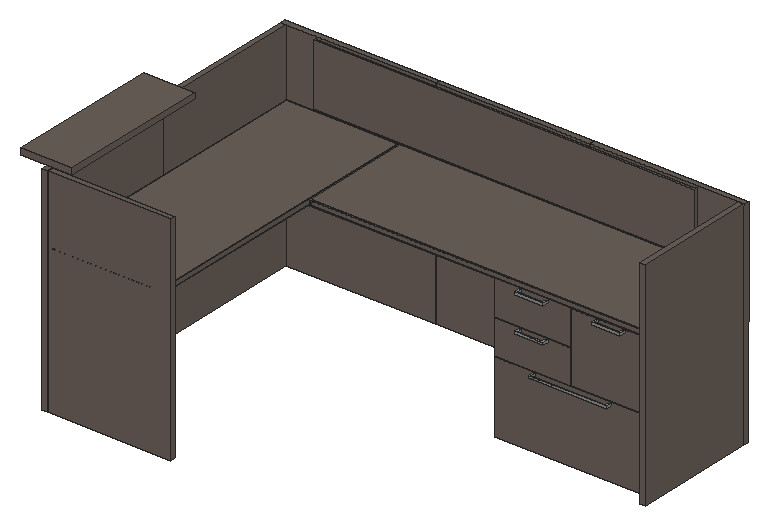
Revit family "OFS TYPICAL T200097", category Furniture, Revit 2022 (continued)
Definition of nested family "STAKS BENCHING CANTILEVER WORKSURFACE BRACKET - OPEN"
  Dimensions and locks (in)
    equal spacing: plane 3 "LEFT", plane 8 "CENTER", plane 5 "RIGHT"
    equal spacing: plane 9, plane 2 "Center (Front/Back)", plane 7
    "Width": plane 3 "LEFT" to plane 5 "RIGHT"
    "Depth": plane 9 to plane 7
    locked: plane 4 "BASE TOP" to plane 10 at 2
    locked: plane 7 to plane 11 at 2
    locked: plane 13 to plane 9 at 0.5
    locked: plane 6 to plane 12 at 0.5
    plane 14 to plane 8 "CENTER" to plane 15 = 0' - 0 1/8" locked, 0' - 0 1/8" locked
    "Alpha": plane 16 to plane 13
    aligned and locked: level to plane 1
    aligned and locked: Extrusion 1 sketch curve to plane 4 "BASE TOP"
    aligned and locked: plane 7 to Extrusion 1 sketch curve
    aligned and locked: plane 9 to Extrusion 1 sketch curve
    aligned and locked: plane 6 to Extrusion 1 sketch curve
    aligned and locked: Extrusion 1 to plane 3 "LEFT"
    aligned and locked: plane 5 "RIGHT" to Extrusion 1
    aligned and locked: Extrusion 2 sketch curve to Extrusion 1
    aligned and locked: plane 15 to Extrusion 2
    aligned and locked: plane 14 to Extrusion 2
    aligned and locked: Extrusion 1 to Extrusion 2 sketch curve
    aligned and locked: Extrusion 3 to plane 7
  Automatic sketch dimensions
    plane 7 to Extrusion 1 sketch curve = 0' - 0 7/128"
    Extrusion 1 sketch curve to plane 11 = 0' - 0"
    plane 10 to Extrusion 1 sketch curve = 0' - 0"
    plane 11 to Extrusion 1 sketch curve = 0' - 0.02265"
    plane 10 to Extrusion 1 sketch curve = 0' - 0.02265"
    plane 4 "BASE TOP" to Extrusion 1 sketch curve = 0' - 0 7/128"
    Extrusion 2 sketch curve to plane 13 = 0' - 0"
    plane 12 to Extrusion 2 sketch curve = 0' - 0"
    Extrusion 2 sketch curve to plane 16 = 0' - 0"
    Extrusion 2 sketch curve to Extrusion 2 sketch curve = 0' - 0.29376"
    plane 14 to Extrusion 3 sketch curve = 0' - 0.27308"
    Extrusion 3 sketch curve to plane 5 "RIGHT" = 0' - 0.16442"  (x2)
    Extrusion 3 sketch curve to plane 12 = 0' - 0.79492"
    Extrusion 3 sketch curve to Extrusion 3 sketch curve = 0' - 0 3/16"
    plane 3 "LEFT" to Extrusion 3 sketch curve = 0' - 0.25817"  (x3)
    Extrusion 3 sketch curve to Extrusion 3 sketch curve = 0' - 0.16626"  (x2)
    plane 10 to Extrusion 3 sketch curve = 0' - 1.46119"
    plane 12 to Extrusion 3 sketch curve = 0' - 0.19423"
    Extrusion 3 sketch curve to Extrusion 3 sketch curve = 0' - 1.03838"
    plane 10 to Extrusion 3 sketch curve = 0' - 0.30577"
    Extrusion 4 sketch curve to Extrusion 4 sketch curve = 0' - 2"  (x15)
    Extrusion 4 sketch curve to Extrusion 4 sketch curve = 0' - 0"  (x7)
    Extrusion 4 sketch curve to Extrusion 4 sketch curve = 0' - 0.87233"  (x8)
    Extrusion 5 sketch curve to Extrusion 5 sketch curve = 0' - 2"  (x15)
    Extrusion 5 sketch curve to Extrusion 5 sketch curve = 0' - 0"  (x7)
    Extrusion 5 sketch curve to Extrusion 5 sketch curve = 0' - 0.87233"  (x8)
    radius of Extrusion 3 sketch curve = 0' - 0 3/32"  (x3)
    radius of Extrusion 4 sketch curve = 0' - 0 3/32"  (x16)
    radius of Extrusion 5 sketch curve = 0' - 0 3/32"  (x16)
Definition of nested family "temp:STAKS BENCHING PRESS FIT BRACKET"
  Parameters (values of type "STAKS BENCHING PRESS FIT BRACKET")
    Width = 0' - 7 1/8"
    URL = "http://www.ofs.com/"
    Model = "PFBKT-1"
    Manufacturer = "OFS"
    Height From Floor = 2' - 3 7/8"
    Height = 0' - 3"
    Gap = 0' - 1"
    Description = "OFS STAKS BENCHING PRESS FIT BRACKET, Supports Shared Organizers, Shared Shelves or Transaction Tops on Spine or Divider Wall Panels Without Defacing the Panel Faces"
    Depth = 0' - 2"
    Default Elevation = 0' - 0"
    Copyright © = "© 2018 OFS"
    Catalog = "https://ofs.com/products/open-plan/benching/staks"
    Bracket Material = none
    Authoring Version = "Autodesk Revit Architecture 2013"
    Assembly Code = "E2020200"
  Reference planes (in)
    plane 1: z = 0
    plane 2 "Center (Front/Back)": y = 1.87535
    plane 3 "LEFT": x = -20.0625
    plane 4 "BASE TOP": z = 27.875
    plane 5 "RIGHT": x = -12.9375
    plane 6: z = 24.875
    plane 7: y = 2.87535
    plane 8 "CENTER": x = -16.5
    plane 9: y = 0.87535
    plane 10: y = 1.25035
    plane 11: x = -16
    plane 12: x = -17
  Forms (in)
    Extrusion 1, solid, material <- "Bracket Material"
      sketch origin (0, 1.87535, 0) x (1, 0, 0) y (0, 0, 1)
        loop
          line (-17, 24.875) -> (-17, 27.375) -> (-16.82031, 27.375)
          arc (-16.82031, 27.375) -> (-16.59934, 27.46653) -> (-16.50781, 27.6875) r 0.3125
          line (-16.50781, 27.6875) -> (-16.50781, 27.875) -> (-20.0625, 27.875) -> (-20.0625, 27.375) -> (-17.75, 27.375)
          arc (-17.75, 27.375) -> (-17.39645, 27.22855) -> (-17.25, 26.875) r 0.5
          line (-17.25, 26.875) -> (-17.25, 24.875) -> (-17, 24.875)
        loop
          line (-12.9375, 27.875) -> (-16.49219, 27.875) -> (-16.49219, 27.6875)
          arc (-16.49219, 27.6875) -> (-16.40066, 27.46653) -> (-16.17969, 27.375) r 0.3125
          line (-16.17969, 27.375) -> (-16, 27.375) -> (-16, 24.875) -> (-15.75, 24.875) -> (-15.75, 26.875)
          arc (-15.75, 26.875) -> (-15.60355, 27.22855) -> (-15.25, 27.375) r 0.5
          line (-15.25, 27.375) -> (-12.9375, 27.375) -> (-12.9375, 27.875)
      from -1 to 1
    Extrusion 2, void
      sketch origin (0, 0, 0) x (1, 0, 0) y (0, 1, 0)
        loop
          line (-17, 0.87535) -> (-16, 0.87535) -> (-16, 1.37535) -> (-17, 1.37535) -> (-17, 0.87535)
        loop
          line (-17, 2.87535) -> (-17, 2.37535) -> (-16, 2.37535) -> (-16, 2.87535) -> (-17, 2.87535)
        loop
          circle (-19.48811, 1.37535) r 0.09375
        loop
          circle (-17.85526, 1.37535) r 0.09375
        loop
          circle (-13.51189, 1.37535) r 0.09375
        loop
          circle (-15.14474, 1.37535) r 0.09375
        loop
          circle (-19.48811, 2.37535) r 0.09375
        loop
          circle (-17.85526, 2.37535) r 0.09375
        loop
          circle (-13.51189, 2.37535) r 0.09375
        loop
          circle (-15.14474, 2.37535) r 0.09375
      from 24.875 to 27.875
    Extrusion 3, solid, material <- "Bracket Material"
      sketch origin (-16.5, 0, 0) x (0, 1, 0) y (0, 0, 1)
        loop
          circle (2.60972, 27.625) r 0.1875
        loop
          line (2.60972, 27.72544) -> (2.52274, 27.67522) -> (2.52274, 27.57478) -> (2.60972, 27.52456) -> (2.69671, 27.57478) -> (2.69671, 27.67522) -> (2.60972, 27.72544)
        loop
          circle (1.14097, 27.625) r 0.1875
        loop
          line (1.14097, 27.72544) -> (1.05399, 27.67522) -> (1.05399, 27.57478) -> (1.14097, 27.52456) -> (1.22796, 27.57478) -> (1.22796, 27.67522) -> (1.14097, 27.72544)
      from 3.5625 to 3.68034
    Extrusion 4, solid, material <- "Bracket Material"
      sketch origin (-16.5, 0, 0) x (0, 1, 0) y (0, 0, -1)
        loop
          circle (2.60972, -27.625) r 0.1875
        loop
          line (2.60972, -27.72544) -> (2.69671, -27.67522) -> (2.69671, -27.57478) -> (2.60972, -27.52456) -> (2.52274, -27.57478) -> (2.52274, -27.67522) -> (2.60972, -27.72544)
        loop
          circle (1.14097, -27.625) r 0.1875
        loop
          line (1.14097, -27.72544) -> (1.22796, -27.67522) -> (1.22796, -27.57478) -> (1.14097, -27.52456) -> (1.05399, -27.57478) -> (1.05399, -27.67522) -> (1.14097, -27.72544)
      from 3.5625 to 3.68034
    Extrusion 5, solid, material <- "Bracket Material"
      sketch origin (-16.5, 3.61007, 0) x (0, -1, 0) y (0, 0, -1)
        loop
          circle (2.4691, -27.625) r 0.09375
      from -0.5 to 0.5
    Extrusion 6, solid, material <- "Bracket Material"
      sketch origin (-16.5, 0.14063, 0) x (0, 1, 0) y (0, 0, 1)
        loop
          circle (2.4691, 27.625) r 0.09375
      from -0.5 to 0.5
    Extrusion 7, solid
      sketch origin (-16.5, 0, 0) x (0, 1, 0) y (0, 0, 1)
        loop
          line (2.37535, 26.875) -> (1.37535, 26.875) -> (1.37535, 25.375) -> (2.37535, 25.375) -> (2.37535, 26.875)
      from 0.40321 to 0.5
    Extrusion 8, solid
      sketch origin (-16.5, 0, 0) x (0, 1, 0) y (0, 0, -1)
        loop
          line (2.37535, -26.875) -> (2.37535, -25.375) -> (1.37535, -25.375) -> (1.37535, -26.875) -> (2.37535, -26.875)
      from 0.40321 to 0.5
  Cuts and joins
    Extrusion 2 cuts Extrusion 1
  Dimensions and locks (in)
    "Height From Floor": plane 4 "BASE TOP" to plane 1
    "Height": plane 4 "BASE TOP" to plane 6
    equal spacing: plane 3 "LEFT", plane 8 "CENTER", plane 5 "RIGHT"
    equal spacing: plane 9, plane 2 "Center (Front/Back)", plane 7
    "Width": plane 3 "LEFT" to plane 5 "RIGHT"
    "Depth": plane 9 to plane 7
    equal spacing: plane 11, plane 8 "CENTER", plane 12
    "Gap": plane 12 to plane 11
    aligned and locked: level to plane 1
    aligned and locked: plane 9 to Extrusion 1
    aligned and locked: Extrusion 1 to plane 7
    aligned and locked: Extrusion 2 to plane 4 "BASE TOP"
    aligned and locked: plane 6 to Extrusion 2
    aligned and locked: plane 11 to Extrusion 5
    aligned and locked: plane 12 to Extrusion 5
    aligned and locked: plane 11 to Extrusion 7
  Automatic sketch dimensions
    Extrusion 1 sketch curve to plane 3 "LEFT" = 0' - 0"
    Extrusion 1 sketch curve to plane 6 = 0' - 0"  (x2)
    plane 12 to Extrusion 1 sketch curve = 0' - 0"
    Extrusion 1 sketch curve to plane 4 "BASE TOP" = 0' - 0"  (x2)
    Extrusion 1 sketch curve to plane 11 = 0' - 0"
    Extrusion 1 sketch curve to plane 5 "RIGHT" = 0' - 0"
    plane 12 to Extrusion 1 sketch curve = 0' - 0 1/4"
    plane 4 "BASE TOP" to Extrusion 1 sketch curve = 0' - 1"
    plane 4 "BASE TOP" to Extrusion 1 sketch curve = 0' - 0 1/2"  (x3)
    Extrusion 1 sketch curve to plane 12 = 0' - 0 23/128"
    Extrusion 1 sketch curve to plane 8 "CENTER" = 0' - 0 1/128"
    plane 8 "CENTER" to Extrusion 1 sketch curve = 0' - 0 1/128"
    Extrusion 1 sketch curve to Extrusion 1 sketch curve = 0' - 0 23/128"
    plane 11 to Extrusion 1 sketch curve = 0' - 0 1/4"
    Extrusion 1 sketch curve to Extrusion 1 sketch curve = 0' - 0 1/2"
    Extrusion 1 sketch curve to Extrusion 1 sketch curve = 0' - 0 5/16"
    plane 9 to Extrusion 2 sketch curve = 0' - 0"
    Extrusion 2 sketch curve to plane 12 = 0' - 0"  (x2)
    plane 7 to Extrusion 2 sketch curve = 0' - 0"
    Extrusion 2 sketch curve to plane 11 = 0' - 0"  (x2)
    Extrusion 2 sketch curve to plane 10 = 0' - 0 1/8"  (x5)
    plane 3 "LEFT" to Extrusion 2 sketch curve = 0' - 0.57439"  (x2)
    Extrusion 2 sketch curve to Extrusion 2 sketch curve = 0' - 0.85526"  (x4)
    Extrusion 2 sketch curve to plane 5 "RIGHT" = 0' - 0.57439"  (x2)
    Extrusion 2 sketch curve to plane 2 "Center (Front/Back)" = 0' - 0 1/2"  (x5)
    Extrusion 3 sketch curve to plane 9 = 0' - 0.17864"
    plane 4 "BASE TOP" to Extrusion 3 sketch curve = 0' - 0.35044"  (x2)
    Extrusion 3 sketch curve to Extrusion 3 sketch curve = 0' - 0.08698"  (x6)
    plane 10 to Extrusion 3 sketch curve = 0' - 0.02239"
    plane 7 to Extrusion 3 sketch curve = 0' - 0.35261"
    Extrusion 3 sketch curve to Extrusion 3 sketch curve = 0' - 0"
    Extrusion 3 sketch curve to Extrusion 3 sketch curve = 0' - 0.05022"  (x7)
    Extrusion 3 sketch curve to Extrusion 3 sketch curve = 0' - 0.10044"  (x5)
    Extrusion 4 sketch curve to plane 9 = 0' - 0.17864"
    plane 4 "BASE TOP" to Extrusion 4 sketch curve = 0' - 0.14956"  (x2)
    Extrusion 4 sketch curve to Extrusion 4 sketch curve = 0' - 0.08698"  (x7)
    plane 10 to Extrusion 4 sketch curve = 0' - 0.02239"
    plane 7 to Extrusion 4 sketch curve = 0' - 0.35261"
    Extrusion 4 sketch curve to Extrusion 4 sketch curve = 0' - 0.05022"  (x8)
    Extrusion 4 sketch curve to Extrusion 4 sketch curve = 0' - 0.10044"  (x4)
    Extrusion 5 sketch curve to plane 10 = 0' - 0 7/64"
    Extrusion 5 sketch curve to plane 4 "BASE TOP" = 0' - 0 1/4"
    plane 7 to Extrusion 6 sketch curve = 0' - 0 17/64"
    plane 4 "BASE TOP" to Extrusion 6 sketch curve = 0' - 0 1/4"
    Extrusion 7 sketch curve to plane 10 = 0' - 0 1/8"
    Extrusion 7 sketch curve to plane 6 = 0' - 0 1/2"
    Extrusion 7 sketch curve to plane 2 "Center (Front/Back)" = 0' - 0 1/2"
    plane 4 "BASE TOP" to Extrusion 7 sketch curve = 0' - 1"
    Extrusion 8 sketch curve to plane 10 = 0' - 0 1/8"
    plane 4 "BASE TOP" to Extrusion 8 sketch curve = 0' - 1"
    Extrusion 8 sketch curve to plane 2 "Center (Front/Back)" = 0' - 0 1/2"
    Extrusion 8 sketch curve to plane 6 = 0' - 0 1/2"
    radius of Extrusion 2 sketch curve = 0' - 0 3/32"  (x8)
    radius of Extrusion 3 sketch curve = 0' - 0 3/16"  (x2)
    radius of Extrusion 4 sketch curve = 0' - 0 3/16"  (x2)
    radius of Extrusion 5 sketch curve = 0' - 0 3/32"
    radius of Extrusion 6 sketch curve = 0' - 0 3/32"
